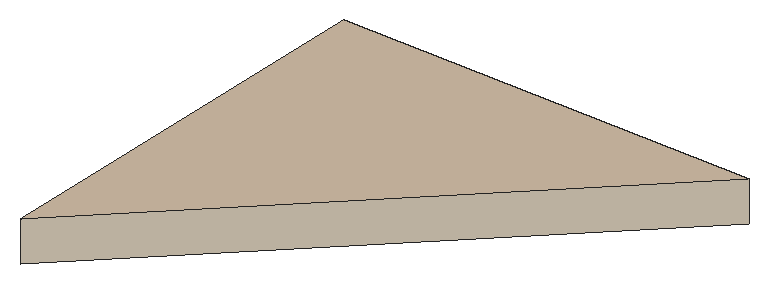
Revit family "M_Sistema de mobiliário-superfície de trabalho-canto em cunha", category Sistema de mobiliário, Revit 2019
Family settings
  Cota do conector redondo = Utilizar diâmetro
  Tipo de parte = Normal
  Número OmniClass = 23.40.70.14.64.21
  Título OmniClass = Systems Furniture
  Com base no plano de trabalho = Não
  Sempre na vertical = Sim
  Corte com vazios quando carregada = Não
  Compartilhado = Não
  Ponto de cálculo do ambiente = Não
Parameters (values of type "300 x 300mm")
  Material da superfície de trabalho [instance] = Laminado plástico – Carvalho branco
  Comentários de tipos = "Superfície de trabalho com canto em cunha de 300 x 300 mm"
  Espessura = 30 mm
  Largura = 300 mm
  Model = ""
  Manufacturer = ""
  Altura = 750 mm
  Material da aresta [instance] = Laminado plástico – Bege – Claro – Suave
  Description = ""
  Linear = 300 mm
Reference planes
  plane 1 "Centro F/T": y = 0
  plane 2: z = 0
  plane 3 "Centro E/D": x = 0
  plane 4 "Direita": x = 300
  plane 5 "Superior": z = 750
  plane 6 "Inferior": z = 720
  plane 7 "Parte frontal": y = -300
Forms (mm)
  Extrusion 1, solid, material "Laminado plástico – Carvalho branco" <- "Material da superfície de trabalho"
    sketch origin (0, 0, 0) x (1, 0, 0) y (0, 1, 0)
      loop
        line (0, 0) -> (0, -300) -> (300, 0) -> (0, 0)
    from 720 to 750
Lines and regions (mm)
  Masking region 1
    outline origin (-1040.606, -826.901, 0) x (1, 0, 0) y (0, 1, 0)
      loop
        line (1040.606, 826.901) -> (1040.606, 526.901) -> (1340.606, 826.901) -> (1040.606, 826.901)
Dimensions and locks
  "Largura": plane 3 "Centro E/D" to plane 4 "Direita"
  "Espessura": plane 5 "Superior" to plane 6 "Inferior"
  "Linear": plane 1 "Centro F/T" to plane 7 "Parte frontal"
  "Altura": plane 5 "Superior" to plane 2
  aligned and locked: plane 1 "Centro F/T" to Extrusion 1 sketch curve
  aligned and locked: plane 3 "Centro E/D" to Extrusion 1 sketch curve
  aligned and locked: level to plane 2
  aligned and locked: plane 5 "Superior" to Extrusion 1
  aligned and locked: plane 6 "Inferior" to Extrusion 1
  aligned: plane 1 "Centro F/T" to Masking region 1 sketch curve  (x2)
  aligned and locked: plane 1 "Centro F/T" to Masking region 1 sketch curve
  aligned and locked: plane 3 "Centro E/D" to Masking region 1 sketch curve
Automatic sketch dimensions
  Masking region 1 sketch curve to plane 4 "Direita" = 0 mm  (x2)
  Masking region 1 sketch curve to plane 7 "Parte frontal" = 0 mm
  Extrusion 1 sketch curve to plane 4 "Direita" = 0 mm
  Extrusion 1 sketch curve to plane 7 "Parte frontal" = 0 mm
